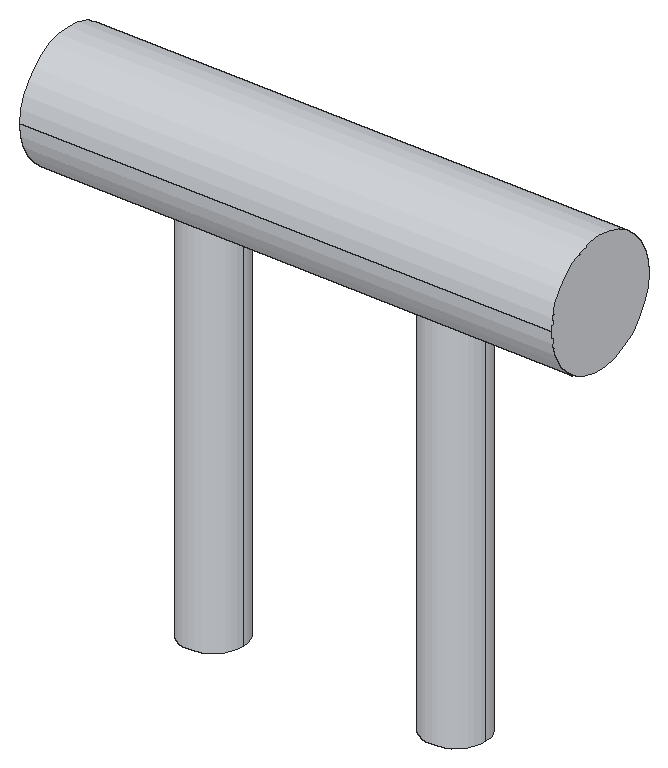
Revit family "Strömungsteiler", category Rohrzubehör, Revit 2015
Parameters
  L2 [instance] = 100 mm
  L1 [instance] = 219 mm
  H2 [instance] = 178.5 mm
  DNDurchgang_Radius [instance] = 25 mm
  DNDurchgang_Durchmesser [instance] = DNDurchgang_Radius * 2  # 50 mm
  DNAbgang_Radius [instance] = 12.5 mm
  DNAbgang_Durchmesser [instance] = DNAbgang_Radius * 2  # 25 mm
Reference planes
  plane 1 "Mitte (Vorne/Hinten)": y = 0
  plane 2: z = 0
  plane 3 "Mitte (Links/Rechts)": x = 0
  plane 4: z = -178.5
Forms (mm)
  Extrusion 1, solid
    sketch origin (0, 0, 0) x (0, 1, 0) y (0, 0, 1)
      loop
        circle (0, 0) r 25
    from -109.5 to 109.5
  Extrusion 2, solid
    sketch origin (0, 0, 0) x (1, 0, 0) y (0, 1, 0)
      loop
        circle (-50, 0) r 12.5
      loop
        circle (50, 0) r 12.5
    from -178.5 to 0
Cuts and joins
  joined: Extrusion 1, Extrusion 2
Lines and regions (mm)
  reference lines
    curve 1: line (-109.5, 31.699, 0) -> (-109.5, -48.301, 0)
    curve 2: line (109.5, 31.699, 0) -> (109.5, -48.301, 0)
    curve 3: line (-50, 31.699, 0) -> (-50, -258.301, 0)
    curve 4: line (50, 45.785, 0) -> (50, -258.301, 0)
Dimensions and locks
  equal spacing: curve 1, plane 3 "Mitte (Links/Rechts)", curve 2
  "L1": curve 1 to curve 2
  "H2": level to plane 4
  equal spacing: curve 3, plane 3 "Mitte (Links/Rechts)", curve 4
  "L2": curve 3 to curve 4
  "DNDurchgang_Radius": radius of Extrusion 1 sketch curve
  "DNAbgang_Radius": radius of Extrusion 2 sketch curve  (x2)
  aligned and locked: level to plane 2
  aligned and locked: plane 1 "Mitte (Vorne/Hinten)" to Extrusion 1 sketch curve
  aligned and locked: plane 2 to Extrusion 1 sketch curve
  aligned and locked: curve 1 to Extrusion 1
  aligned and locked: Extrusion 1 to curve 2
  aligned and locked: plane 1 "Mitte (Vorne/Hinten)" to Extrusion 2 sketch curve  (x2)
  aligned and locked: curve 3 to Extrusion 2 sketch curve
  aligned and locked: curve 4 to Extrusion 2 sketch curve
  aligned and locked: Extrusion 2 to plane 4
  aligned and locked: level to Extrusion 2
Automatic sketch dimensions
  plane 1 "Mitte (Vorne/Hinten)" to curve 3 = 258.301 mm
  curve 3 to curve 4 = 0 mm
  plane 1 "Mitte (Vorne/Hinten)" to curve 2 = 48.301 mm
  plane 1 "Mitte (Vorne/Hinten)" to curve 1 = 48.301 mm
  curve 3 to plane 1 "Mitte (Vorne/Hinten)" = 31.699 mm
  curve 2 to plane 1 "Mitte (Vorne/Hinten)" = 31.699 mm
  curve 1 to plane 1 "Mitte (Vorne/Hinten)" = 31.699 mm
  curve 4 to plane 1 "Mitte (Vorne/Hinten)" = 45.785 mm
Connectors
  piping at (109.5, 0, 0), diameter 50, driven by "DNDurchgang_Durchmesser"
    settings: on cut or joined group of Extrusion 1, Extrusion 2, index 1, connector inside diameter 609.6 mm, connector length 0 mm, flow factor 0, pipe flow 0.0 L/s, pressure drop 0.0 Pa, fitting loss kfactor 0, connector angle 0.00°, fixture units 0, engagement length 0 mm, angle of deflection 0.00°, flow configuration 0, flow direction 0, fitting loss method 0, system type 19, joint type 0, gender type 0, connector reference index -1, connector utility 0, adjustable connector no, is connector primary yes, connector description ""
  piping at (-109.5, 0, 0), diameter 50, driven by "DNDurchgang_Durchmesser"
    settings: on cut or joined group of Extrusion 1, Extrusion 2, index 2, connector inside diameter 609.6 mm, connector length 0 mm, flow factor 0, pipe flow 0.0 L/s, pressure drop 0.0 Pa, fitting loss kfactor 0, connector angle 0.00°, fixture units 0, engagement length 0 mm, angle of deflection 0.00°, flow configuration 0, flow direction 0, fitting loss method 0, system type 19, joint type 0, gender type 0, connector reference index -1, connector utility 0, adjustable connector no, is connector primary no, connector description ""
  piping at (50, 0, -178.5), diameter 25, driven by "DNAbgang_Durchmesser"
    settings: on cut or joined group of Extrusion 1, Extrusion 2, index 3, connector inside diameter 609.6 mm, connector length 0 mm, flow factor 0, pipe flow 0.0 L/s, pressure drop 0.0 Pa, fitting loss kfactor 0, connector angle 0.00°, fixture units 0, engagement length 0 mm, angle of deflection 0.00°, flow configuration 0, flow direction 0, fitting loss method 0, system type 19, joint type 0, gender type 0, connector reference index -1, connector utility 0, adjustable connector no, is connector primary no, connector description ""
  piping at (-50, 0, -178.5), diameter 25, driven by "DNAbgang_Durchmesser"
    settings: on cut or joined group of Extrusion 1, Extrusion 2, index 4, connector inside diameter 609.6 mm, connector length 0 mm, flow factor 0, pipe flow 0.0 L/s, pressure drop 0.0 Pa, fitting loss kfactor 0, connector angle 0.00°, fixture units 0, engagement length 0 mm, angle of deflection 0.00°, flow configuration 0, flow direction 0, fitting loss method 0, system type 19, joint type 0, gender type 0, connector reference index -1, connector utility 0, adjustable connector no, is connector primary no, connector description ""
